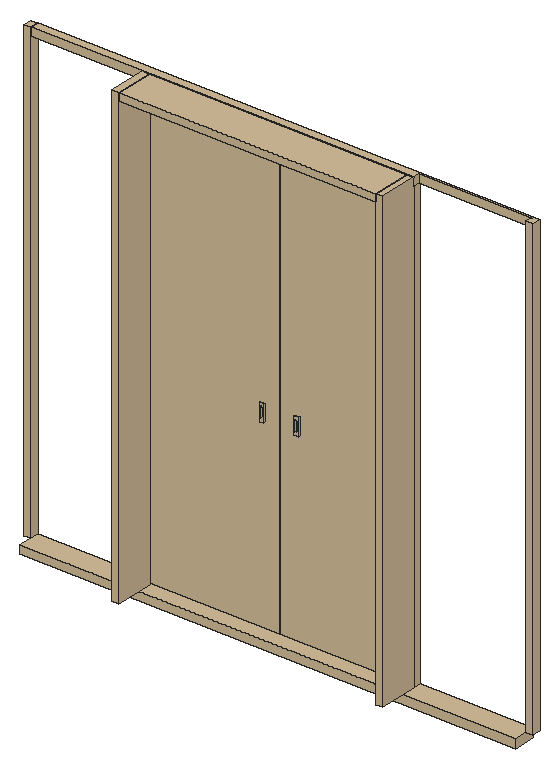
Revit family "Dor_木製-引分け戸", category ドア, Revit 2020
Family settings
  ホスト = 壁
  常に垂直 = はい
  ロード時にボイドで切り取り = はい
  共有 = いいえ
  部屋計算ポイント = いいえ
Parameters (values of type "木製-引分け戸")
  開口逃げ位置表示 [instance] = no
  金物_施錠方式(外) = ""
  金物_施錠方式(内) = ""
  金物_支持金物 = ""
  金物_操作金物 = ""
  金物_戸当り = ""
  金物_固定金物 = ""
  金物_フランス落し = ""
  金物_クローザー = ""
  逃げ_左 = 50 mm
  逃げ_右 = 50 mm
  解析用性能 = "<なし>"
  符号_建具記号 = ""
  符号_建具番号 = ""
  法_随時閉鎖 = yes
  法_防火性能 = ""
  法_遮煙 = yes
  法_常時閉鎖 = yes
  文字_ガラス厚 = ""
  敷居表示 [instance] = yes
  枠見付上_外側 = 35 mm
  枠見付上_内側 = 35 mm
  敷居見込 [instance] = 100 mm
  引手表示 [instance] = yes
  引き残し = 120 mm
  ラベル_遮煙 = if(法_遮煙, "S", " ")  # "S"
  ラベル_法囲み = if(法_常時閉鎖, "□", if(法_随時閉鎖, "〇", " "))  # "□"
  マテリアル_障子紙 = 紙 - 障子
  マテリアル_襖紙 = 紙 - 襖
  マテリアル_引手 = 木目 - ナチュラル
  マテリアル_ハンドル = none
  ドアパネルタイプ = DPJ_フラッシュ : フラッシュ
  クリアランス_戸尻枠 = 15 mm
  クリアランス_壁パネル間 = 10 mm
  calc_逃げ位置 [instance] = if(bWallThicknessOffset, calc_壁芯ずれ, 0 mm)  # 0 mm
  calc_沓摺幅 = パネル幅 + calc_戸尻位置 + クリアランス_戸尻枠  # 1155 mm
  次による断熱プロパティの定義 = スキーマティック タイプ
  文字_額縁材質 = ""
  文字_額縁仕上 = ""
  文字_沓摺材質 = ""
  文字_沓摺仕上 = ""
  文字_枠材質 = ""
  文字_枠仕上 = ""
  文字_建具材質 = ""
  文字_建具仕上 = ""
  文字_取付場所 = ""
  文字_備考 = ""
  文字_パネル厚 = ""
  文字_ガラリ材質 = ""
  文字_ガラリ仕上 = ""
  文字_ガラス材質 = ""
  文字_アンダーカット = ""
  性能_遮音 = ""
  性能_気密 = ""
  形状_沓摺形状 = ""
  形状_枠形状 = ""
  形状_建具形式 = ""
  形状_ガラリ形状 = ""
  calc_戸尻位置 = パネル幅 - 引き残し  # 510 mm
  calc_壁芯ずれ [instance] = オフセット / 2 + LOCK  # 25 mm
  マテリアル_沓摺 = none
  マテリアル_枠 = 木目 - ナチュラル
  マテリアル_パネル = 木目 - ナチュラル
  マテリアル_ガラリ = none
  マテリアル_ガラス = none
  Keynote = ""
  オフセット [instance] = 50 mm
  calc_パネル中心_幅 = 枠見付 / 2 + LOCK  # 15 mm
  calc_パネル中心_厚 = パネル厚 / 2 + LOCK  # 15 mm
  bWallThicknessOffset = no
  W寸法 = 1200 mm
  LOCK = 0 mm  # constant formula
  Function = (empty or 0)
  Description = ""
  Rough Width = 0 mm
  高さ = H寸法 + LOCK  # 2100 mm
  枠見付 = 30 mm
  枠ちり外 = 10 mm
  枠ちり内 = 10 mm
  引手_高さ = 900 mm
  戸当見込 = 50 mm
  戸当見付 = 15 mm
  Construction Type = ""
  Wall Closure = (empty or 0)
  幅 = W寸法 + LOCK  # 1200 mm
  Rough Height = 0 mm
  パネル高 = 高さ + LOCK  # 2100 mm
  パネル幅 = 幅 / 2 + 枠見付  # 630 mm
  パネル厚 = 30 mm
  H寸法 = 2100 mm
Reference planes
  plane 1: y = 0
  plane 2 "中心(左/右)": x = 0
  plane 3 "EXT.": y = 75
  plane 4 "内壁": y = -75
  plane 5 "左": x = -600
  plane 6 "右": x = 600
  plane 7 "上側": z = 2100
  plane 8: z = 0
  plane 9 "枠ちり外": y = 85
  plane 10 "枠外側左": x = -630
  plane 11 "枠外側右": x = 630
  plane 12 "枠見付_上": z = 2135
  plane 13 "パネル内側": y = 55
  plane 14: y = -125
  plane 15 "枠ちり内": y = -135
  plane 16 "パネル中心": y = 70
  plane 17: y = 65
  plane 18: x = -635
  plane 19: x = 635
  plane 20: y = 65
  plane 21: y = -130
  plane 22 "壁芯": y = -25
  plane 23: z = 900
  plane 24 "壁内_扉側": y = 45
  plane 25: x = -1140
  plane 26: x = -1155
  plane 27: x = -1185
  plane 28 "枠見付上_内": z = 2135
  plane 29: y = 65
  plane 30: z = 1050
  plane 31 "敷居見込": y = -15
  plane 32: x = 1140
  plane 33: x = 1155
  plane 34: x = 1185
  plane 35: x = 315
  plane 36: x = -315
  plane 37 "逃げ位置": y = 0
  plane 38 "引き残し左": x = -480
  plane 39 "引き残し右": x = 480
Forms (mm)
  Extrusion 1, void
    sketch origin (0, 0, 0) x (1, 0, 0) y (0, 1, 0)
      loop
        line (-630, -125) -> (630, -125) -> (630, 45) -> (-630, 45) -> (-630, -125)
    from 0 to 2135
  Extrusion 2, void
    sketch origin (0, 0, 0) x (1, 0, 0) y (0, 1, 0)
      loop
        line (-630, 75) -> (-630, 45) -> (630, 45) -> (630, 75) -> (-630, 75)
    from 0 to 2135
  Extrusion 3, void
    sketch origin (0, 0, 0) x (1, 0, 0) y (0, 1, 0)
      loop
        line (-1185, 45) -> (-630, 45) -> (-630, 75) -> (-1185, 75) -> (-1185, 45)
      loop
        line (1185, 45) -> (1185, 75) -> (630, 75) -> (630, 45) -> (1185, 45)
    from 0 to 2135
  Extrusion 4, solid, material "木目 - ナチュラル" <- "マテリアル_枠"
    sketch origin (0, 0, 0) x (1, 0, 0) y (0, 1, 0)
      loop
        line (-1155, 45) -> (1155, 45) -> (1155, 85) -> (-1155, 85) -> (-1155, 45)
    from 2100 to 2135
  Extrusion 5, solid, material "木目 - ナチュラル" <- "マテリアル_枠"
    sketch origin (0, 0, 0) x (1, 0, 0) y (0, 1, 0)
      loop
        line (-600, -135) -> (600, -135) -> (600, 45) -> (-600, 45) -> (-600, -135)
    from 2100 to 2135
  Extrusion 6, solid, material "木目 - ナチュラル" <- "マテリアル_枠"
    sketch origin (0, 0, 0) x (1, 0, 0) y (0, 1, 0)
      loop
        line (-630, -135) -> (-600, -135) -> (-600, 45) -> (-630, 45) -> (-630, -135)
      loop
        line (600, -135) -> (630, -135) -> (630, 45) -> (600, 45) -> (600, -135)
      loop
        line (-1185, 45) -> (-1155, 45) -> (-1155, 85) -> (-1185, 85) -> (-1185, 45)
      loop
        line (1185, 45) -> (1185, 85) -> (1155, 85) -> (1155, 45) -> (1185, 45)
    from 0 to 2135
  Extrusion 7, solid, material "木目 - ナチュラル" <- "マテリアル_枠", visible <- "敷居表示"
    sketch origin (0, 0, 0) x (1, 0, 0) y (0, 1, 0)
      loop
        line (1155, -15) -> (1155, 85) -> (-1155, 85) -> (-1155, -15) -> (1155, -15)
    from 0 to -40
  Extrusion 8, void
    sketch origin (0, 0, 0) x (-1, 0, 0) y (0, -1, 0)
      loop
        line (-1185, -45) -> (-1185, -75) -> (-630, -75) -> (-630, -45) -> (-1185, -45)
    from 0 to 2135
Cuts and joins
  Extrusion 8 cuts Extrusion 4
  Extrusion 8 cuts Extrusion 7
Lines and regions (mm)
  Masking region 1
    outline origin (0, 0, 0) x (0, 1, 0) y (0, 0, 1)
      loop
        line (85, 2100) -> (55, 2100) -> (55, 0) -> (85, 0) -> (85, 2100)
  Masking region 2
    outline origin (0, 0, 0) x (0, 1, 0) y (0, 0, 1)
      loop
        line (-135, 2135) -> (-135, 2100) -> (85, 2100) -> (85, 2135) -> (-135, 2135)
  Masking region 3, not visible, detail levels medium+fine
    outline origin (0, 0, 0) x (1, 0, 0) y (0, 1, 0)
      loop
        line (-600, -130) -> (600, -130) -> (600, -125) -> (600, 55) -> (-600, 55) -> (-600, -125) -> (-600, -130)
  Masking region 4, not visible, detail levels medium+fine
    outline origin (0, 0, 0) x (1, 0, 0) y (0, 1, 0)
      loop
        line (-600, -130) -> (600, -130) -> (600, -125) -> (600, 55) -> (-600, 55) -> (-600, -125) -> (-600, -130)
  Masking region 5, detail levels medium+fine
    outline origin (0, 0, 0) x (1, 0, 0) y (0, 1, 0)
      loop
        line (-630, -135) -> (-600, -135) -> (-600, 45) -> (-630, 45) -> (-630, -135)
      loop
        line (630, -135) -> (630, 45) -> (600, 45) -> (600, -135) -> (630, -135)
      loop
        line (-1185, 45) -> (-1155, 45) -> (-1155, 85) -> (-1185, 85) -> (-1185, 45)
      loop
        line (1185, 45) -> (1185, 85) -> (1155, 85) -> (1155, 45) -> (1185, 45)
  Masking region 6, detail levels coarse
    outline origin (0, 0, 0) x (1, 0, 0) y (0, 1, 0)
      loop
        line (-600, -130) -> (600, -130) -> (600, -125) -> (600, 45) -> (1155, 45) -> (1155, 75) -> (1155, 80) -> (-1155, 80) -> (-1155, 75) -> (-1155, 45) -> (-600, 45) -> (-600, -125) -> (-600, -130)
  Masking region 7, detail levels coarse
    outline origin (0, 0, 0) x (1, 0, 0) y (0, 1, 0)
      loop
        line (-635, 45) -> (-635, -125) -> (-600, -125) -> (-600, 45) -> (-635, 45)
      loop
        line (635, 45) -> (600, 45) -> (600, -125) -> (635, -125) -> (635, 45)
      loop
        line (-1155, 75) -> (-1190, 75) -> (-1190, 40) -> (-1155, 40) -> (-1155, 45) -> (-1155, 75)
      loop
        line (1155, 75) -> (1155, 45) -> (1155, 40) -> (1190, 40) -> (1190, 75) -> (1155, 75)
  Masking region 8
    outline origin (0, 0, 0) x (0, 1, 0) y (0, 0, 1)
      loop
        line (55, 5) -> (55, 2100) -> (-135, 2100) -> (-135, 5) -> (55, 5)
  Masking region 9, visible <- "敷居表示", detail levels medium+fine
    outline origin (0, 0, 0) x (1, 0, 0) y (0, 1, 0)
      loop
        line (1155, 85) -> (-1155, 85) -> (-1155, 45) -> (-600, 45) -> (-600, -15) -> (600, -15) -> (600, 45) -> (1155, 45) -> (1155, 85)
  symbolic lines
    curve 1: line (0, 135, 0) -> (0, -185, 0)
Text (mm)
  text "EXT." at (-2295.016, 1099.543, 0), in view "基準レベル"
  text "外部" at (0, 1615.38, 3698.081), in view "左"
  text "外部" at (0, 1036.032, 3874.932), in view "右"
  text "内部" at (0, -1175.082, 3874.932), in view "右"
  text "内部" at (-2295.016, -1087.353, 0), in view "基準レベル"
Dimensions and locks
  equal spacing: plane 5 "左", plane 2 "中心(左/右)", plane 6 "右"
  locked: plane 3 "EXT." to host wall
  locked: plane 4 "内壁" to host wall
  "W寸法": plane 5 "左" to plane 6 "右"
  "H寸法": plane 8 to plane 7 "上側"
  "枠ちり外": plane 3 "EXT." to plane 9 "枠ちり外"
  "枠ちり内": plane 14 to plane 15 "枠ちり内"
  "オフセット": plane 14 to plane 4 "内壁"
  locked: plane 3 "EXT." to plane 17 at 10
  locked: curve 1 to plane 9 "枠ちり外" at 50
  locked: plane 15 "枠ちり内" to curve 1 at 50
  plane 4 "内壁" to plane 3 "EXT." = 150 mm
  locked: plane 18 to plane 10 "枠外側左" at 5
  locked: plane 11 "枠外側右" to plane 19 at 5
  locked: plane 20 to plane 3 "EXT." at 10
  locked: plane 3 "EXT." to Masking region 6 sketch curve at 5
  locked: plane 14 to plane 21 at 5
  "calc_壁芯ずれ": plane 22 "壁芯" to plane 1
  "引手_高さ": plane 23 to level
  "枠見付": plane 6 "右" to plane 11 "枠外側右"
  "枠見付": plane 10 "枠外側左" to plane 5 "左"
  plane 7 "上側" to plane 12 "枠見付_上" = 35 mm
  "クリアランス_壁パネル間": plane 13 "パネル内側" to plane 24 "壁内_扉側"
  "クリアランス_戸尻枠": plane 26 to plane 25
  "枠見付": plane 27 to plane 26
  "枠見付上_外側": plane 12 "枠見付_上" to plane 7 "上側"
  "枠見付上_内側": plane 28 "枠見付上_内" to plane 7 "上側"
  "calc_戸尻位置": plane 25 to plane 10 "枠外側左"
  plane 29 to plane 3 "EXT." = 10 mm
  equal spacing: plane 8, plane 30, plane 7 "上側"
  "calc_パネル中心_厚": plane 9 "枠ちり外" to plane 16 "パネル中心"
  "パネル厚": plane 9 "枠ちり外" to plane 13 "パネル内側"
  "敷居見込": plane 9 "枠ちり外" to plane 31 "敷居見込"
  "クリアランス_戸尻枠": plane 33 to plane 32
  "枠見付": plane 34 to plane 33
  "calc_戸尻位置": plane 11 "枠外側右" to plane 32
  equal spacing: plane 2 "中心(左/右)", plane 35, plane 11 "枠外側右"
  equal spacing: plane 10 "枠外側左", plane 36, plane 2 "中心(左/右)"
  locked: Masking region 7 sketch curve to plane 27 at 5
  locked: plane 24 "壁内_扉側" to Masking region 7 sketch curve at 5  (x2)
  plane 34 to Masking region 7 sketch curve = 5 mm
  "calc_逃げ位置": plane 37 "逃げ位置" to plane 1
  "引き残し": plane 5 "左" to plane 38 "引き残し左"
  "引き残し": plane 39 "引き残し右" to plane 6 "右"
  aligned and locked: plane 1 to host wall
  aligned and locked: level to plane 8
  aligned and locked: Extrusion 2 sketch curve to host wall
  aligned and locked: plane 10 "枠外側左" to Extrusion 2 sketch curve
  aligned and locked: plane 11 "枠外側右" to Extrusion 2 sketch curve
  aligned and locked: plane 12 "枠見付_上" to Extrusion 2
  aligned and locked: Extrusion 1 to plane 14
  aligned and locked: plane 9 "枠ちり外" to Masking region 2 sketch curve
  aligned and locked: plane 13 "パネル内側" to Masking region 3 sketch curve
  aligned and locked: plane 5 "左" to Masking region 3 sketch curve
  aligned and locked: Masking region 3 sketch curve to plane 6 "右"
  aligned and locked: Masking region 7 sketch curve to plane 18
  aligned and locked: plane 6 "右" to Masking region 7 sketch curve
  aligned and locked: Masking region 7 sketch curve to plane 19
  aligned and locked: plane 14 to Masking region 7 sketch curve
  aligned and locked: Masking region 7 sketch curve to plane 14
  aligned and locked: plane 14 to Masking region 6 sketch curve  (x2)
  aligned and locked: Masking region 6 sketch curve to plane 21
  aligned and locked: Masking region 4 sketch curve to plane 21
  aligned and locked: plane 14 to Masking region 4 sketch curve  (x2)
  aligned and locked: Masking region 3 sketch curve to plane 21
  aligned and locked: plane 14 to Masking region 3 sketch curve  (x2)
  aligned and locked: plane 6 "右" to Masking region 5 sketch curve
  aligned and locked: plane 5 "左" to Masking region 5 sketch curve
  aligned and locked: nested 1 to plane 16 "パネル中心"
  aligned and locked: Masking region 5 sketch curve to plane 24 "壁内_扉側"  (x3)
  aligned and locked: Masking region 5 sketch curve to plane 27
  aligned and locked: plane 26 to Masking region 5 sketch curve
  aligned and locked: nested 1 to Masking region 5 sketch curve
  aligned and locked: Extrusion 3 sketch curve to Masking region 5
  aligned and locked: Masking region 5 to Extrusion 3 sketch curve
  aligned and locked: host wall to Extrusion 3 sketch curve
  aligned and locked: plane 10 "枠外側左" to Extrusion 3 sketch curve
  aligned and locked: Extrusion 3 to plane 12 "枠見付_上"
  aligned and locked: Masking region 5 to Extrusion 4 sketch curve
  aligned and locked: Extrusion 4 sketch curve to nested 1
  aligned and locked: Extrusion 4 sketch curve to plane 26
  aligned and locked: plane 24 "壁内_扉側" to Extrusion 5 sketch curve
  aligned and locked: Extrusion 5 sketch curve to plane 15 "枠ちり内"
  aligned and locked: plane 5 "左" to Extrusion 5 sketch curve
  aligned and locked: Extrusion 5 sketch curve to plane 6 "右"
  aligned and locked: Extrusion 4 to plane 12 "枠見付_上"
  aligned and locked: plane 7 "上側" to Extrusion 4
  aligned and locked: plane 24 "壁内_扉側" to Extrusion 2 sketch curve
  aligned and locked: Extrusion 1 to plane 28 "枠見付上_内"
  aligned and locked: plane 24 "壁内_扉側" to Extrusion 1 sketch curve
  aligned and locked: Extrusion 6 sketch curve to plane 15 "枠ちり内"  (x2)
  aligned and locked: plane 24 "壁内_扉側" to Extrusion 6 sketch curve  (x2)
  aligned and locked: Extrusion 6 sketch curve to plane 5 "左"
  aligned and locked: Extrusion 6 sketch curve to plane 10 "枠外側左"
  aligned and locked: plane 6 "右" to Extrusion 6 sketch curve
  aligned and locked: Extrusion 6 sketch curve to plane 11 "枠外側右"
  aligned and locked: Extrusion 6 to plane 28 "枠見付上_内"
  aligned and locked: Extrusion 5 to plane 28 "枠見付上_内"
  aligned and locked: plane 7 "上側" to Extrusion 5
  aligned and locked: plane 30 to nested 2
  aligned and locked: Masking region 7 sketch curve to plane 24 "壁内_扉側"  (x2)
  aligned and locked: plane 7 "上側" to Masking region 1 sketch curve
  aligned and locked: plane 15 "枠ちり内" to Masking region 2 sketch curve
  aligned and locked: plane 7 "上側" to Masking region 2 sketch curve
  aligned and locked: plane 12 "枠見付_上" to Masking region 2 sketch curve
  aligned and locked: Masking region 8 sketch curve to plane 7 "上側"
  aligned and locked: Masking region 8 sketch curve to plane 15 "枠ちり内"
  aligned and locked: plane 13 "パネル内側" to Masking region 8 sketch curve
  aligned and locked: plane 26 to Extrusion 7 sketch curve
  aligned and locked: Extrusion 7 sketch curve to plane 31 "敷居見込"
  aligned and locked: Extrusion 7 sketch curve to plane 9 "枠ちり外"
  aligned and locked: plane 8 to Masking region 1 sketch curve
  aligned and locked: plane 24 "壁内_扉側" to Masking region 5 sketch curve
  aligned and locked: plane 9 "枠ちり外" to Masking region 5 sketch curve
  aligned and locked: plane 35 to nested 3
  aligned and locked: plane 36 to nested 1
  aligned and locked: Extrusion 4 sketch curve to plane 33
  aligned and locked: Extrusion 3 sketch curve to plane 24 "壁内_扉側"
  aligned and locked: plane 3 "EXT." to Extrusion 3 sketch curve
  aligned and locked: Extrusion 3 sketch curve to plane 11 "枠外側右"
  aligned and locked: plane 34 to Extrusion 3 sketch curve
  aligned and locked: plane 34 to Extrusion 6 sketch curve
  aligned and locked: Extrusion 6 sketch curve to plane 33
  aligned and locked: plane 9 "枠ちり外" to Extrusion 6 sketch curve  (x2)
  aligned and locked: Extrusion 6 sketch curve to plane 24 "壁内_扉側"  (x2)
  aligned and locked: Extrusion 6 sketch curve to plane 27
  aligned and locked: plane 26 to Extrusion 6 sketch curve
  aligned and locked: plane 33 to Extrusion 7 sketch curve
  aligned and locked: plane 36 to nested 2
  aligned and locked: plane 30 to nested 6
  aligned and locked: plane 35 to nested 6
  aligned and locked: nested 2 to plane 30
  aligned and locked: nested 3 to plane 16 "パネル中心"
  aligned and locked: plane 6 "右" to Masking region 9 sketch curve  (x2)
  aligned and locked: Masking region 9 sketch curve to plane 31 "敷居見込"
  aligned and locked: Masking region 9 sketch curve to plane 9 "枠ちり外"
  aligned and locked: Masking region 9 sketch curve to plane 26
  aligned and locked: Masking region 9 sketch curve to plane 24 "壁内_扉側"  (x2)
  aligned and locked: plane 5 "左" to Masking region 9 sketch curve
  aligned and locked: plane 33 to Masking region 9 sketch curve
  aligned and locked: plane 2 "中心(左/右)" to nested 7
  aligned and locked: plane 36 to nested 4
  aligned and locked: plane 35 to nested 5
  aligned and locked: plane 3 "EXT." to Masking region 7 sketch curve
  aligned and locked: Masking region 7 sketch curve to plane 26
  aligned and locked: Masking region 7 sketch curve to plane 3 "EXT."
  aligned and locked: plane 33 to Masking region 7 sketch curve
  aligned and locked: plane 24 "壁内_扉側" to Masking region 6 sketch curve
  aligned and locked: plane 33 to Masking region 6 sketch curve
  aligned and locked: plane 3 "EXT." to Masking region 6 sketch curve
  aligned and locked: nested 7 to plane 37 "逃げ位置"
Automatic sketch dimensions
  curve 1 to plane 2 "中心(左/右)" = 0 mm
  Masking region 1 sketch curve to plane 13 "パネル内側" = 0 mm
  Masking region 1 sketch curve to plane 9 "枠ちり外" = 0 mm
  Masking region 4 sketch curve to plane 5 "左" = 0 mm
  Masking region 4 sketch curve to plane 6 "右" = 0 mm
  Masking region 4 sketch curve to plane 13 "パネル内側" = 0 mm
  Masking region 5 sketch curve to plane 10 "枠外側左" = 0 mm
  Masking region 5 sketch curve to plane 11 "枠外側右" = 0 mm
  Masking region 5 sketch curve to plane 33 = 0 mm
  Masking region 5 sketch curve to plane 34 = 0 mm
  Masking region 5 sketch curve to plane 15 "枠ちり内" = 0 mm  (x2)
  level to Masking region 8 sketch curve = 5 mm
  Extrusion 8 sketch curve to host wall = 0 mm
  Extrusion 8 sketch curve to plane 34 = 0 mm
  Extrusion 8 sketch curve to plane 11 "枠外側右" = 0 mm
  plane 24 "壁内_扉側" to Extrusion 8 sketch curve = 0 mm
  Extrusion 1 sketch curve to plane 10 "枠外側左" = 0 mm
  Extrusion 1 sketch curve to plane 11 "枠外側右" = 0 mm
  host wall to Extrusion 1 sketch curve = 50 mm
  plane 24 "壁内_扉側" to Masking region 7 sketch curve = 0 mm
  Masking region 7 sketch curve to plane 24 "壁内_扉側" = 0 mm
  Masking region 7 sketch curve to plane 5 "左" = 0 mm
  Masking region 6 sketch curve to host wall = 0 mm
  Masking region 6 sketch curve to plane 26 = 0 mm
  Masking region 6 sketch curve to plane 5 "左" = 0 mm
  Masking region 6 sketch curve to plane 24 "壁内_扉側" = 0 mm
  Masking region 6 sketch curve to plane 6 "右" = 0 mm
Nested families
  nested 1: "平面_引き戸" at (-315, 70, 0), type "平面_引き戸"
    with 幅 630 mm, パネル幅 630 mm, パネル厚 30 mm
  nested 2: "立面_スイング_引き戸" at (-315, 75, 1050) x (1, 0, 0) z (0, -1, 0), type "立面_スイング_引き戸"
    with 幅 250 mm
  nested 3: "平面_引き戸" at (315, 70, 0) x (-1, 0, 0) z (0, 0, 1), type "平面_引き戸"
    with 幅 630 mm, パネル幅 630 mm, パネル厚 30 mm
  nested 4: "DPJ_フラッシュ" at (-315, 70, 0) x (-1, 0, 0) z (0, 0, 1), type <- "ドアパネルタイプ", type "フラッシュ"
    with 高さ 2100 mm, 引手表示 yes, 幅 630 mm, 厚さ 30 mm
  nested 5: "DPJ_フラッシュ" at (315, 70, 0), type <- "ドアパネルタイプ", type "フラッシュ"
    with 高さ 2100 mm, 引手表示 yes, 幅 630 mm, 厚さ 30 mm
  nested 6: "立面_スイング_引き戸" at (315, 75, 1050) x (-1, 0, 0) z (0, -1, 0), type "立面_スイング_引き戸"
    with 幅 250 mm
  nested 7: "平面_逃げ位置" at (0, 0, 0), visible <- "開口逃げ位置表示", 幅 <- "W寸法", 逃げ_右 <- "逃げ_右", 逃げ_左 <- "逃げ_左", type "平面_逃げ位置"
    with 逃げ_左 50 mm, 逃げ_右 50 mm, 幅 1200 mm
Definition of nested family "DPJ_フラッシュ"
  Parameters (values of type "フラッシュ")
    高さ = 2110 mm
    引手表示 = no
    引手取付高さ = 900 mm
    幅 = 615 mm
    厚さ = 45 mm
    マテリアル_引手 = none
    マテリアル_パネル = none
  Reference planes
    plane 1 "中心(正面/背面)": y = 0
    plane 2 "下": z = 0
    plane 3 "中心(左/右)": x = 0
    plane 4 "右": x = 307.5
    plane 5 "左": x = -307.5
    plane 6 "前面": y = 22.5
    plane 7 "背面": y = -22.5
    plane 8 "上": z = 2110
    plane 9: x = -227.5
    plane 10: z = 900
  Forms (mm)
    Extrusion 1, solid, material <- "マテリアル_パネル"
      sketch origin (0, 0, 0) x (1, 0, 0) y (0, 0, 1)
        loop
          line (-307.5, 2110) -> (-307.5, 0) -> (307.5, 0) -> (307.5, 2110) -> (-307.5, 2110)
      from -22.5 to 22.5
  Dimensions and locks
    equal spacing: plane 5 "左", plane 3 "中心(左/右)", plane 4 "右"
    "幅": plane 5 "左" to plane 4 "右"
    equal spacing: plane 6 "前面", plane 1 "中心(正面/背面)", plane 7 "背面"
    "厚さ": plane 6 "前面" to plane 7 "背面"
    "高さ": plane 8 "上" to plane 2 "下"
    plane 9 to plane 5 "左" = 80 mm
    "引手取付高さ": plane 10 to plane 2 "下"
    aligned and locked: level to plane 2 "下"
    aligned and locked: Extrusion 1 sketch curve to plane 8 "上"
    aligned and locked: plane 5 "左" to Extrusion 1 sketch curve
    aligned and locked: Extrusion 1 sketch curve to plane 4 "右"
    aligned and locked: plane 6 "前面" to Extrusion 1
    aligned and locked: Extrusion 1 to plane 7 "背面"
    aligned and locked: plane 2 "下" to Extrusion 1 sketch curve
    aligned and locked: nested 1 to plane 9
    aligned and locked: nested 1 to plane 10
  Nested families
    nested 1: "Ha_引手" at (-227.5, 0, 900), visible <- "引手表示", type "Ha_引手"
      with パネル厚 45 mm
  Definition of nested family "Ha_引手"
    Parameters (values of type "Ha_引手")
      Analytic Construction = "<なし>"
      Define Thermal Properties by = 1
      パネル厚 = 30 mm
      ハンドル = none
      Keynote = "08730.C5"
    Reference planes
      plane 1 "中心(正面/背面)": y = 0
      plane 2: z = 0
      plane 3 "中心 (左/右)": x = 0
      plane 4: y = 15
      plane 5: y = -15
      plane 6: y = -20
      plane 7: y = 20
    Forms (mm)
      Extrusion 1, solid, material <- "ハンドル"
        sketch origin (-30, -15, 0) x (1, 0, 0) y (0, 0, 1)
          loop
            line (20, -40) -> (40, -40) -> (40, 40) -> (20, 40) -> (20, -40)
        from -35 to 5
      Extrusion 2, void
        sketch origin (0, -15, 0) x (-1, 0, 0) y (0, 0, 1)
          loop
            line (5, -25) -> (5, 25) -> (-5, 25) -> (-5, -25) -> (5, -25)
        from -5 to 0
      Extrusion 3, void
        sketch origin (0, 15, 0) x (-1, 0, 0) y (0, 0, 1)
          loop
            line (-5, 25) -> (-5, -25) -> (5, -25) -> (5, 25) -> (-5, 25)
        from 0 to 5
    Cuts and joins
      Extrusion 2, Extrusion 3 cuts Extrusion 1
    Dimensions and locks
      equal spacing: plane 5, plane 1 "中心(正面/背面)", plane 4
      "パネル厚": plane 5 to plane 4
      locked: plane 6 to plane 5 at 5
      locked: plane 4 to plane 7 at 5
      aligned and locked: plane 6 to Extrusion 1
      aligned and locked: Extrusion 1 to plane 7
      aligned and locked: Extrusion 1 to Extrusion 2
      aligned and locked: Extrusion 1 to Extrusion 3
    Automatic sketch dimensions
      Extrusion 1 sketch curve to plane 3 "中心 (左/右)" = 10 mm
      plane 3 "中心 (左/右)" to Extrusion 1 sketch curve = 10 mm
      Extrusion 1 sketch curve to level = 40 mm
      level to Extrusion 1 sketch curve = 40 mm
      plane 3 "中心 (左/右)" to Extrusion 2 sketch curve = 5 mm
      Extrusion 2 sketch curve to plane 3 "中心 (左/右)" = 5 mm
      Extrusion 2 sketch curve to level = 25 mm
      level to Extrusion 2 sketch curve = 25 mm
      plane 3 "中心 (左/右)" to Extrusion 3 sketch curve = 5 mm
      Extrusion 3 sketch curve to plane 3 "中心 (左/右)" = 5 mm
      Extrusion 3 sketch curve to level = 25 mm
      level to Extrusion 3 sketch curve = 25 mm
Definition of nested family "平面_引き戸"
  Parameters (values of type "平面_引き戸")
    引き残し = 120 mm
    幅 = 825 mm
    パネル幅 = 幅  # 825 mm
    パネル厚 = 45 mm
  Reference planes
    plane 1 "中心(正面/背面)": y = 0
    plane 2: z = 0
    plane 3 "中心(左/右)": x = 0
    plane 4: x = -412.5
    plane 5: x = 412.5
    plane 6 "内側": y = -22.5
    plane 7 "外側": y = 22.5
    plane 8: x = -292.5
    plane 9: x = -1117.5
  Lines and regions (mm)
    Masking region 1, in view "基準レベル", detail levels medium+fine
      outline origin (0, 0, 0) x (1, 0, 0) y (0, 1, 0)
        loop
          line (-412.5, -22.5) -> (412.5, -22.5) -> (412.5, 22.5) -> (-412.5, 22.5) -> (-412.5, -22.5)
    detail lines, in view "基準レベル", detail levels medium+fine
      curve 1: line (-412.5, -22.5, 0) -> (-1117.5, -22.5, 0)
      curve 2: line (-1117.5, -22.5, 0) -> (-1117.5, 22.5, 0)
      curve 3: line (-1117.5, 22.5, 0) -> (-412.5, 22.5, 0)
    detail lines, in view "基準レベル", detail levels coarse
      curve 4: line (412.5, 0, 0) -> (-412.5, 0, 0)
      curve 5: line (-1117.5, 0, 0) -> (-412.5, 0, 0)
  Dimensions and locks
    equal spacing: plane 4, plane 3 "中心(左/右)", plane 5
    "幅": plane 4 to plane 5
    "パネル厚": plane 7 "外側" to plane 6 "内側"
    equal spacing: plane 7 "外側", plane 1 "中心(正面/背面)", plane 6 "内側"
    "引き残し": plane 4 to plane 8
    "幅": plane 9 to plane 8
    aligned and locked: Masking region 1 sketch curve to plane 6 "内側"
    aligned and locked: Masking region 1 sketch curve to plane 4
    aligned and locked: plane 5 to Masking region 1 sketch curve
    aligned and locked: plane 7 "外側" to Masking region 1 sketch curve
    aligned and locked: plane 5 to curve 4
    aligned and locked: curve 3 to plane 7 "外側"
    aligned and locked: plane 9 to curve 2
    aligned and locked: Masking region 1 to plane 4
    aligned and locked: plane 6 "内側" to curve 1
    aligned and locked: Masking region 1 to plane 6 "内側"
    aligned and locked: plane 5 to Masking region 1
    aligned and locked: plane 4 to curve 4
    aligned and locked: plane 9 to curve 5
    aligned and locked: plane 1 "中心(正面/背面)" to curve 5
    aligned and locked: curve 4 to plane 1 "中心(正面/背面)"
  Automatic sketch dimensions
    curve 3 to plane 4 = 0 mm
    curve 1 to plane 4 = 0 mm
Definition of nested family "立面_スイング_引き戸"
  Parameters (values of type "立面_スイング_引き戸")
    幅 [instance] = 250 mm
  Reference planes
    plane 1 "中心(正面/背面)": y = 0
    plane 2: z = 0
    plane 3 "中心(左/右)": x = 0
    plane 4: x = -125
    plane 5: x = 125
  Lines and regions (mm)
    detail lines, in view "基準レベル"
      curve 1: line (125, 0, 0) -> (-125, 0, 0)
      curve 2: line (-125, 0, 0) -> (-55.718, 40, 0)
  Dimensions and locks
    equal spacing: plane 4, plane 3 "中心(左/右)", plane 5
    "幅": plane 4 to plane 5
    angle curve 1 to curve 2 = 30.00°
    aligned and locked: plane 4 to curve 1
    aligned and locked: plane 5 to curve 1
  Automatic sketch dimensions
    plane 1 "中心(正面/背面)" to curve 1 = 0 mm
Definition of nested family "平面_逃げ位置"
  Parameters (values of type "平面_逃げ位置")
    逃げ_左 [instance] = 40 mm
    逃げ_右 [instance] = 40 mm
    幅 [instance] = 1000 mm
  Reference planes
    plane 1 "中心(正面/背面)": y = 0
    plane 2: z = 0
    plane 3 "中心(左/右)": x = 0
    plane 4: x = -500
    plane 5: x = 500
    plane 6: x = 540
    plane 7: x = -540
    plane 8: y = -30
    plane 9: y = 30
  Lines and regions (mm)
    detail lines, in view "基準レベル"
      curve 1: line (-540, 30, 0) -> (-540, -30, 0)
      curve 2: line (540, 30, 0) -> (540, -30, 0)
  Dimensions and locks
    equal spacing: plane 4, plane 3 "中心(左/右)", plane 5
    "幅": plane 4 to plane 5
    plane 9 to plane 8 = 60 mm
    equal spacing: plane 9, plane 1 "中心(正面/背面)", plane 8
    "逃げ_左": plane 7 to plane 4
    "逃げ_右": plane 5 to plane 6
    aligned and locked: curve 1 to plane 7
    aligned and locked: plane 6 to curve 2
    aligned and locked: plane 9 to curve 2
  Automatic sketch dimensions
    curve 1 to plane 8 = 0 mm
    curve 2 to plane 8 = 0 mm
    curve 1 to plane 9 = 0 mm
